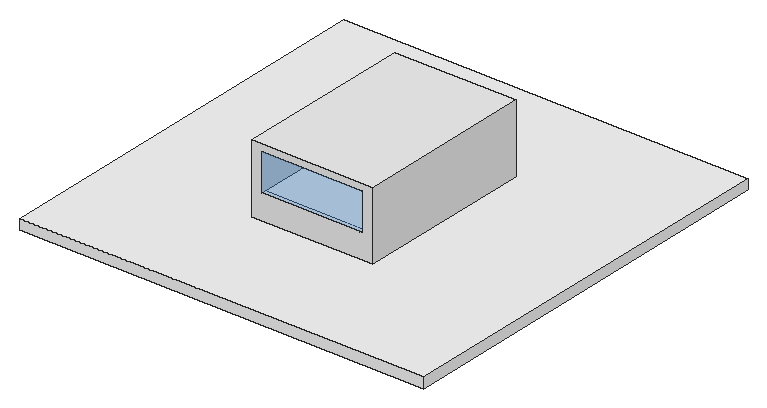
Revit family "BE_24127_de_DE", category Leuchten, Revit 2020
Family settings
  Basisbauteil = Fläche
  Bemaßung runder Anschluss = Durchmesser verwenden
  Teiletyp = Normal
  Beim Laden mit Abzugskörper schneiden = Ja
  Lichtquelle = Ja
  Gemeinsam genutzt = Nein
  Raumberechnungspunkt = Ja
Parameters (values of type "BEGA_24127_Weiß_K3")
  built-in parameter 1150104 = 13.471 (stored number, unit not read)
  Wattage = 4 W
  Default Elevation = 0 mm
  built-in parameter 1150113 = 1 (stored number, unit not read)
  built-in parameter 1114218 = 1 (stored number, unit not read)
  Umgebungstemperatur = "25 °C"
  URL = "https://www.bega.com/de/produkt/24127"
  Typenkommentare = "© 2022 BEGA. Wir behalten uns das Recht vor, technische Änderungen ohne vorherige Ankündigung vorzunehmen."  # constant formula
  Type Image = 24127.png
  built-in parameter 1150134 = (empty or 0)
  built-in parameter 1150109 = 1 (stored number, unit not read)
  Strom = ""
  built-in parameter 1150110 = 1 (stored number, unit not read)
  Spannung = 239.996 V
  Sonderanfertigung = no
  Seriennummer [instance] = "Hier können Sie die eindeutige Seriennummer für das Facility Management eintragen."
  Schutzklasse = "I"
  Schutzart = "IP 65"
  Scheinlast = 0 VA
  Produktdatenblatt = "https://cdn.bega.com/bega/products/24127WK4/current/documents/data-sheets/de"
  Oberflächentemperatur = ""
  Neigungswinkel = 0.00°
  Modell = "24127WK3"
  Material_17 = BEGA_Reflektor
  Material_15 = BEGA_Leuchtmedium_matt
  Material_11 = BEGA_Glas_opal
  Material_10 = BEGA_Glas_matt
  Material_09 = BEGA_Glas_klar
  Material_06 = BEGA_Oberfläche_Edelstahl_gebürstet
  Material_03 = BEGA_Oberfläche_Weiss_matt
  Material_02 = BEGA_Oberfläche_Silber_matt
  Material_01 [instance] = BEGA_Oberfläche_Grafit_matt
  M_W = yes
  M_G = no
  M_A = no
  Logo = 0
  built-in parameter 1114217 = 1 (stored number, unit not read)
  built-in parameter 1150139 = (empty or 0)
  built-in parameter 1150105 = 46.155 (stored number, unit not read)
  built-in parameter 1150114 = 1 (stored number, unit not read)
  Lumens = 580 lm
  built-in parameter 1150115 = 1 (stored number, unit not read)
  Leuchtenlichtstrom = "175 lm"
  Lebensdauerkriterien = "L70B50 @ 25 °C = 200000 h"
  Lastklassifizierung = Beleuchtung
  built-in parameter 1150112 = 1 (stored number, unit not read)
  Lampenlichtstrom = "580 lm"
  Lampe = "LED 4 W"
  LED_Modulbezeichnung = "2x LED-0886/830"
  built-in parameter 1150142 = (empty or 0)
  Hersteller = "BEGA"  # constant formula
  Halbstreuwinkel = ""
  Gewicht = ""
  Gebrauchslageneinschränkung [instance] = ""
  Frequenz = "0/50-60 Hz"
  Farbwiedergabeindex = "CRI > 80"
  Farbtemperaturverschiebung bei Dämpfen der Lampe = <Keine Auswahl>
  Farbtemperatur = "3000 K"
  Color Filter = 16777215
  built-in parameter 1150133 = 10 (stored number, unit not read)
  Energieeffizienzklasse = "LED A++ - A"
  built-in parameter 1150137 = (empty or 0)
  built-in parameter 1150132 = (empty or 0)
  ENEC = "ja"
  Dimmbar [instance] = "DALI"
  Datei für fotometrisches Netz = "BE_24127K3.IES"
  CE_Konformität = "ja"
  Bestellnummer = "24127WK3"
  Beschreibung_Sonderanfertigung = "Hier können Sie Informationen zur Sonderanfertigung eintragen."
  Beschreibung = "Wandleuchte"
  built-in parameter 1150106 = 0.46155 (stored number, unit not read)
  Befestigungsbohrung = "Ø 4,5 mm"
  Befestigungsabstand = "86 x 86 mm"
  Ballwurfsicher = ""
  BEGA_Intern_aus = yes
  BEGA_Intern_an = yes
  BEGA_Intern_Konstruktion = yes
  BEGA_Intern = yes
  BEGA_IES = yes
  BEGA_Dummy = no
  Anschlussleitung = ""
  Anschlussleistung [instance] = "5.6 W"
  built-in parameter 1150107 = 3000 (stored number, unit not read)
  built-in parameter 1150102 = (empty or 0)
  built-in parameter 1150138 = (empty or 0)
  Aktualisierung = "2022-05-18T04:00:07"
  Abstand_zur_angestrahlten_Fläche [instance] = ""
  AC/DC = "AC/DC"
Types (6, lengths in mm): name | built-in parameter 1150104 | built-in parameter 1150134 | Modell | M_W | M_G | M_A | built-in parameter 1150105 | Lumens | Leuchtenlichtstrom | Lampenlichtstrom | LED_Modulbezeichnung | Farbtemperatur | Datei für fotometrisches Netz | Bestellnummer | built-in parameter 1150106 | built-in parameter 1150107
  BEGA_24127_Grafit_K3 | 13.471 (stored number, unit not read) | (empty or 0) | "24127K3" | no | yes | no | 46.155 (stored number, unit not read) | 580 lm | "175 lm" | "580 lm" | "2x LED-0886/830" | "3000 K" | "BE_24127K3.IES" | "24127K3" | 0.46155 (stored number, unit not read) | 3000 (stored number, unit not read)
  BEGA_24127_Silber_K3 | 13.471 (stored number, unit not read) | (empty or 0) | "24127AK3" | no | no | yes | 46.155 (stored number, unit not read) | 580 lm | "175 lm" | "580 lm" | "2x LED-0886/830" | "3000 K" | "BE_24127K3.IES" | "24127AK3" | 0.46155 (stored number, unit not read) | 3000 (stored number, unit not read)
  BEGA_24127_Silber_K4 | 14.4 (stored number, unit not read) | 12 | "24127AK4" | no | no | yes | 49.338 (stored number, unit not read) | 620 lm | "187 lm" | "620 lm" | "2x LED-0886/840" | "4000 K" | "BE_24127K4.IES" | "24127AK4" | 0.49338 (stored number, unit not read) | 4000 (stored number, unit not read)
  BEGA_24127_Grafit_K4 | 14.4 (stored number, unit not read) | 12 | "24127K4" | no | yes | no | 49.338 (stored number, unit not read) | 620 lm | "187 lm" | "620 lm" | "2x LED-0886/840" | "4000 K" | "BE_24127K4.IES" | "24127K4" | 0.49338 (stored number, unit not read) | 4000 (stored number, unit not read)
  BEGA_24127_Weiß_K4 | 14.4 (stored number, unit not read) | 12 | "24127WK4" | yes | no | no | 49.338 (stored number, unit not read) | 620 lm | "187 lm" | "620 lm" | "2x LED-0886/840" | "4000 K" | "BE_24127K4.IES" | "24127WK4" | 0.49338 (stored number, unit not read) | 4000 (stored number, unit not read)
  BEGA_24127_Weiß_K3 | 13.471 (stored number, unit not read) | (empty or 0) | "24127WK3" | yes | no | no | 46.155 (stored number, unit not read) | 580 lm | "175 lm" | "580 lm" | "2x LED-0886/830" | "3000 K" | "BE_24127K3.IES" | "24127WK3" | 0.46155 (stored number, unit not read) | 3000 (stored number, unit not read)
Reference planes
  plane 1 "Mitte (Vorne/Hinten)": y = 0
  plane 2: z = 0
  plane 3 "Mitte (Links/Rechts)": x = 0
  plane 4 "Links": x = -60
  plane 5 "Rechts": x = 60
  plane 6 "Unten": y = -88.5
  plane 7 "Oben": y = 88.5
  plane 8 "Vorne": z = 69.6
  plane 9 "Hinten": z = 0
Forms (mm)
  Extrusion 1, solid, material "BEGA_Platte_Weiss"
    sketch origin (0, -1119.2, 0) x (1, 0, 0) y (0, 1, 0)
      loop
        line (-200, 1319.2) -> (-200, 919.2) -> (200, 919.2) -> (200, 1319.2) -> (-200, 1319.2)
    from 0 to -10
  Extrusion 2, solid, material "BEGA_Dummy_matt", visible <- "BEGA_Dummy"
    sketch origin (80.095, -76.023, 0) x (1, 0, 0) y (0, 1, 0)
      loop
        line (-140.095, 164.523) -> (-140.095, -12.477) -> (-20.095, -12.477) -> (-20.095, 164.523) -> (-140.095, 164.523)
    from 0 to 69.6
Dimensions and locks
  plane 1 "Mitte (Vorne/Hinten)" to Extrusion 1 = 200 mm
  aligned and locked: plane 2 to Extrusion 1
  aligned and locked: level to Extrusion 1
Nested families
  nested 1: "BE_24127" at (-2.753, 0, 0), type "BE_24127"
Connectors
  electrical at (0, 0, 0), driven by "Lastklassifizierung", driven by "Spannung", driven by "Scheinlast"
    settings: index 1, voltage 239.996 V, apparent load 0 VA, apparent load phase1 0 VA, apparent load phase2 0 VA, apparent load phase3 0 VA, power factor 1, load classification "Beleuchtung", number of poles 1, system type 31, power factor state 1, is connector primary yes, connector utility no, sub classification motor no, connector description ""
Definition of nested family "BE_24127"
  Parameters (values of type "BE_24127")
    Default Elevation = 1 mm
    URL = "http://www.bega.de/de/produkt"
    Type Comments = "© 2015 BEGA. Wir behalten uns das Recht vor, technische Änderungen ohne vorherige Ankündigung vorzunehmen. "  # constant formula
    Type Image = (empty or 0)
    Neigungswinkel_um_Z2 = 0.00°
    Neigungswinkel_um_Z1 = 0.00°
    Neigungswinkel_um_Y2 = 0.00°
    Neigungswinkel_um_Y1 = 0.00°
    Neigungswinkel_um_X2 = 0.00°
    Neigungswinkel_um_X1 = 0.00°
    Material_17 = none
    Material_15 = none
    Material_11 = none
    Material_10 = none
    Material_09 = none
    Material_06 = none
    Material_03 = none
    Material_02 = none
    Material_01 = none
    M_W = yes
    M_G = yes
    M_A = yes
    Länge_Platte = 200 mm  # constant formula
    Höhe_Platte = -10 mm  # constant formula
    Manufacturer = "BEGA"  # constant formula
    Drehwinkel_um_Z2 = 0.00°
    Drehwinkel_um_Z1 = 0.00°
    Breite_Platte = 200 mm  # constant formula
  Reference planes
    plane 1 "Mitte (Oben/Unten)": y = 0
    plane 2: z = 0
    plane 3 "Mitte (Links/Rechts)": x = 2.753
    plane 4 "Hinten": z = -15
    plane 5 "Oben": y = 88.5
    plane 6 "Unten": y = -88.5
    plane 7: z = 69.6
    plane 8: x = 62.753
    plane 9: x = -57.247
  Forms (mm)
    Extrusion 1, solid, detail levels medium
      sketch origin (0, 0, 0) x (1, 0, 0) y (0, 1, 0)
        loop
          line (-97.247, 100) -> (-97.247, -100) -> (102.753, -100) -> (102.753, 100) -> (-97.247, 100)
      from 0 to -10 <- "Höhe_Platte"
    Extrusion 2, solid, material <- "Material_10"
      sketch origin (2.753, 0, 0) x (0, 1, 0) y (0, 0, 1)
        loop
          line (88.46, 63.294) -> (84.45, 63.294) -> (84.45, 26.294) -> (88.46, 26.294) -> (88.46, 63.294)
        loop
          line (-88.46, 63.294) -> (-88.46, 26.294) -> (-84.45, 26.294) -> (-84.45, 63.294) -> (-88.46, 63.294)
      from -50 to 50
    Extrusion 3, solid, material <- "Material_01", visible <- "M_G"
      sketch origin (0, 0, 0) x (1, 0, 0) y (0, 0, 1)
        loop
          line (-57.247, 69.6) -> (-57.247, 1.899) -> (62.753, 1.899) -> (62.753, 69.6) -> (-57.247, 69.6)
        loop
          line (52.753, 63.294) -> (-47.247, 63.294) -> (-47.247, 26.294) -> (52.753, 26.294) -> (52.753, 63.294)
      from -88.5 to 88.5
    Extrusion 4, void
      sketch origin (0, 0.559, 0) x (1, 0, 0) y (0, 1, 0)
        loop
          line (-54.856, 86.109) -> (-54.856, -86.109) -> (6.716, -86.109) -> (60.362, -86.109) -> (60.362, 86.109) -> (2.356, 86.109) -> (-54.856, 86.109)
      from 0 to 14.658
    Revolve 5, solid, material <- "Material_01"
      sketch origin (2.753, 0, 0) x (0, 1, 0) y (0, 0, 1)
        loop
          line (55.317, 10.478) -> (55.729, 20) -> (54.421, 20) -> (0, 20) -> (0, 12) -> (47.934, 12) -> (48.329, 0) -> (50.913, 0) -> (51.025, 3.044) -> (55.317, 10.478)
        axis (0, 0) -> (0, 20)
      angle from 0 to 360
    Extrusion 6, solid, material <- "Material_01"
      sketch origin (0, 0, 0) x (1, 0, 0) y (0, 1, 0)
        loop
          arc (-48.097, -42.239) -> (-43.99, -46.743) -> (-39.485, -50.85) r 66.105
          line (-39.485, -50.85) -> (-26.63, -41.848)
          arc (-26.63, -41.848) -> (-33.404, -36.157) -> (-39.095, -29.383) r 51.134
          line (-39.095, -29.383) -> (-48.097, -42.239)
        loop
          arc (-43.59, -43.045) -> (-41.979, -44.717) -> (-40.308, -46.328) r 63.25
          arc (-40.308, -46.328) -> (-37.119, -46.235) -> (-37.229, -43.047) r 2.25
          arc (-37.229, -43.047) -> (-38.789, -41.543) -> (-40.293, -39.982) r 58.75
          arc (-40.293, -39.982) -> (-43.472, -39.866) -> (-43.59, -43.045) r 2.25
        loop
          arc (42.735, -43.047) -> (42.618, -46.226) -> (45.797, -46.345) r 2.25
          arc (45.797, -46.345) -> (47.478, -44.725) -> (49.098, -43.043) r 63.25
          arc (49.098, -43.043) -> (48.98, -39.864) -> (45.8, -39.982) r 2.25
          arc (45.8, -39.982) -> (44.296, -41.543) -> (42.735, -43.047) r 58.75
        loop
          arc (44.992, -50.85) -> (49.496, -46.743) -> (53.603, -42.239) r 66.105
          line (53.603, -42.239) -> (44.602, -29.383)
          arc (44.602, -29.383) -> (38.91, -36.157) -> (32.136, -41.848) r 51.134
          line (32.136, -41.848) -> (44.992, -50.85)
        loop
          line (44.992, 50.85) -> (32.136, 41.848)
          arc (32.136, 41.848) -> (38.91, 36.157) -> (44.602, 29.383) r 51.134
          line (44.602, 29.383) -> (53.603, 42.239)
          arc (53.603, 42.239) -> (49.496, 46.743) -> (44.992, 50.85) r 66.105
        loop
          arc (45.8, 39.982) -> (48.977, 39.862) -> (49.103, 43.038) r 2.25
          arc (49.103, 43.038) -> (47.478, 44.725) -> (45.792, 46.349) r 63.25
          arc (45.792, 46.349) -> (42.615, 46.223) -> (42.735, 43.047) r 2.25
          arc (42.735, 43.047) -> (44.296, 41.543) -> (45.8, 39.982) r 58.75
        loop
          arc (-37.229, 43.047) -> (-37.109, 46.223) -> (-40.285, 46.349) r 2.25
          arc (-40.285, 46.349) -> (-41.971, 44.725) -> (-43.596, 43.038) r 63.25
          arc (-43.596, 43.038) -> (-43.47, 39.862) -> (-40.293, 39.982) r 2.25
          arc (-40.293, 39.982) -> (-38.789, 41.543) -> (-37.229, 43.047) r 58.75
        loop
          arc (-39.485, 50.85) -> (-43.99, 46.743) -> (-48.097, 42.239) r 66.105
          line (-48.097, 42.239) -> (-39.095, 29.383)
          arc (-39.095, 29.383) -> (-33.404, 36.157) -> (-26.63, 41.848) r 51.134
          line (-26.63, 41.848) -> (-39.485, 50.85)
      from 0 to 1.603
    Extrusion 7, void
      sketch origin (0, 0, 0) x (1, 0, 0) y (0, 1, 0)
        loop
          circle (-25.247, 15) r 5.096
        loop
          circle (-25.247, -15) r 5.096
      from 0 to 52.141
    Extrusion 8, solid, material <- "Material_02", visible <- "M_A"
      sketch origin (0, 0, 0) x (1, 0, 0) y (0, 0, 1)
        loop
          line (-57.247, 69.6) -> (-57.247, 1.899) -> (62.753, 1.899) -> (62.753, 69.6) -> (-57.247, 69.6)
        loop
          line (52.753, 63.294) -> (-47.247, 63.294) -> (-47.247, 26.294) -> (52.753, 26.294) -> (52.753, 63.294)
      from -88.5 to 88.5
    Extrusion 9, solid, material <- "Material_03", visible <- "M_W"
      sketch origin (0, 0, 0) x (1, 0, 0) y (0, 0, 1)
        loop
          line (-57.247, 69.6) -> (-57.247, 1.899) -> (62.753, 1.899) -> (62.753, 69.6) -> (-57.247, 69.6)
        loop
          line (52.753, 63.294) -> (-47.247, 63.294) -> (-47.247, 26.294) -> (52.753, 26.294) -> (52.753, 63.294)
      from -88.5 to 88.5
  Cuts and joins
    Extrusion 4 cuts Extrusion 2
    Extrusion 7 cuts Revolve 5
    Extrusion 7 cuts Extrusion 6
    joined: Revolve 5, Extrusion 6
    Extrusion 4, Extrusion 7 cuts Extrusion 9
    Extrusion 4, Extrusion 7 cuts Extrusion 8
    Extrusion 4, Extrusion 7 cuts Extrusion 3
  Dimensions and locks
    equal spacing: Extrusion 1 sketch curve, plane 3 "Mitte (Links/Rechts)", Extrusion 1 sketch curve
    equal spacing: Extrusion 1 sketch curve, plane 1 "Mitte (Oben/Unten)", Extrusion 1 sketch curve
    "Länge_Platte": Extrusion 1 sketch curve to Extrusion 1 sketch curve
    "Breite_Platte": Extrusion 1 sketch curve to Extrusion 1 sketch curve
    aligned and locked: plane 2 to Extrusion 1
    aligned and locked: level to Extrusion 1
  Automatic sketch dimensions
    level to Extrusion 2 sketch curve = 26.294 mm  (x2)
    plane 1 "Mitte (Oben/Unten)" to Extrusion 2 sketch curve = 88.46 mm
    Extrusion 2 sketch curve to Extrusion 2 sketch curve = 4.01 mm  (x2)
    Extrusion 2 sketch curve to plane 1 "Mitte (Oben/Unten)" = 84.45 mm
    level to Extrusion 3 sketch curve = 1.899 mm
    Extrusion 3 sketch curve to Extrusion 3 sketch curve = 10 mm  (x2)
    plane 3 "Mitte (Links/Rechts)" to Extrusion 3 sketch curve = 50 mm
    level to Extrusion 3 sketch curve = 26.294 mm
    Extrusion 4 sketch curve to plane 3 "Mitte (Links/Rechts)" = 0.398 mm
    plane 3 "Mitte (Links/Rechts)" to Extrusion 4 sketch curve = 3.962 mm
    plane 1 "Mitte (Oben/Unten)" to Extrusion 4 sketch curve = 85.55 mm
    Extrusion 4 sketch curve to plane 1 "Mitte (Oben/Unten)" = 86.668 mm
    Revolve 5 sketch curve to plane 1 "Mitte (Oben/Unten)" = 0 mm  (x2)
    Revolve 5 sketch curve to level = 0 mm
    level to Revolve 5 sketch curve = 12 mm
    Revolve 5 sketch curve to plane 1 "Mitte (Oben/Unten)" = 47.934 mm
    Revolve 5 sketch curve to Revolve 5 sketch curve = 0.395 mm
    Revolve 5 sketch curve to Revolve 5 sketch curve = 2.584 mm
    level to Revolve 5 sketch curve = 3.044 mm
    Revolve 5 sketch curve to Revolve 5 sketch curve = 0.113 mm
    Revolve 5 sketch curve to Revolve 5 sketch curve = 6.487 mm
    level to Revolve 5 sketch curve = 10.478 mm
    Revolve 5 sketch curve to Revolve 5 sketch curve = 7.384 mm
    Revolve 5 sketch curve to Revolve 5 sketch curve = 1.308 mm
    Revolve 5 sketch curve to Revolve 5 sketch curve = 9.522 mm
    Revolve 5 sketch curve to Revolve 5 sketch curve = 0 mm
    Revolve 5 sketch curve to Revolve 5 sketch curve = 2.7 mm
    Extrusion 6 sketch curve to Extrusion 6 sketch curve = 0 mm  (x103)
    plane 1 "Mitte (Oben/Unten)" to Extrusion 6 sketch curve = 0 mm  (x2)
    Extrusion 6 sketch curve to plane 3 "Mitte (Links/Rechts)" = 0 mm  (x3)
    Extrusion 6 sketch curve to plane 1 "Mitte (Oben/Unten)" = 0 mm  (x2)
    Extrusion 6 sketch curve to plane 3 "Mitte (Links/Rechts)" = 0.001 mm  (x2)
    Extrusion 6 sketch curve to plane 3 "Mitte (Links/Rechts)" = 29.383 mm  (x2)
    Extrusion 6 sketch curve to Extrusion 6 sketch curve = 12.13 mm  (x6)
    Extrusion 6 sketch curve to Extrusion 6 sketch curve = 0.335 mm  (x3)
    Extrusion 6 sketch curve to Extrusion 6 sketch curve = 0.725 mm  (x6)
    Extrusion 6 sketch curve to Extrusion 6 sketch curve = 3.181 mm  (x2)
    Extrusion 6 sketch curve to Extrusion 6 sketch curve = 3.182 mm  (x4)
    plane 1 "Mitte (Oben/Unten)" to Extrusion 6 sketch curve = 42.239 mm  (x2)
    Extrusion 6 sketch curve to Extrusion 6 sketch curve = 6.156 mm
    Extrusion 6 sketch curve to Extrusion 6 sketch curve = 6.155 mm  (x4)
    plane 3 "Mitte (Links/Rechts)" to Extrusion 6 sketch curve = 0 mm  (x2)
    plane 3 "Mitte (Links/Rechts)" to Extrusion 6 sketch curve = 29.383 mm  (x2)
    Extrusion 6 sketch curve to Extrusion 6 sketch curve = 3.183 mm  (x2)
    Extrusion 6 sketch curve to Extrusion 6 sketch curve = 6.154 mm
    Extrusion 6 sketch curve to Extrusion 6 sketch curve = 2.457 mm
    Extrusion 6 sketch curve to Extrusion 6 sketch curve = 2.847 mm  (x2)
    plane 1 "Mitte (Oben/Unten)" to Extrusion 6 sketch curve = 0.001 mm
    Extrusion 6 sketch curve to plane 1 "Mitte (Oben/Unten)" = 0.001 mm
    Extrusion 6 sketch curve to plane 1 "Mitte (Oben/Unten)" = 29.383 mm  (x2)
    Extrusion 6 sketch curve to Extrusion 6 sketch curve = 1.531 mm  (x6)
    plane 1 "Mitte (Oben/Unten)" to Extrusion 6 sketch curve = 29.383 mm
    Extrusion 6 sketch curve to Extrusion 6 sketch curve = 1.525 mm  (x2)
    Extrusion 6 sketch curve to Extrusion 6 sketch curve = 1.649 mm  (x6)
    Extrusion 6 sketch curve to Extrusion 6 sketch curve = 0.001 mm  (x3)
    Extrusion 6 sketch curve to Extrusion 6 sketch curve = 1.548 mm
    Extrusion 6 sketch curve to Extrusion 6 sketch curve = 1.654 mm  (x2)
    Extrusion 6 sketch curve to Extrusion 6 sketch curve = 1.53 mm
    Extrusion 6 sketch curve to Extrusion 6 sketch curve = 1.65 mm
    level to Extrusion 8 sketch curve = 1.899 mm
    Extrusion 8 sketch curve to Extrusion 8 sketch curve = 10 mm  (x2)
    plane 3 "Mitte (Links/Rechts)" to Extrusion 8 sketch curve = 50 mm
    level to Extrusion 8 sketch curve = 26.294 mm
    level to Extrusion 9 sketch curve = 1.899 mm
    Extrusion 9 sketch curve to Extrusion 9 sketch curve = 10 mm  (x2)
    plane 3 "Mitte (Links/Rechts)" to Extrusion 9 sketch curve = 50 mm
    level to Extrusion 9 sketch curve = 26.294 mm
    Extrusion 2 sketch curve to plane 7 = 6.306 mm  (x2)
    Extrusion 3 sketch curve to plane 7 = 0 mm
    Extrusion 3 sketch curve to plane 7 = 6.306 mm
    Extrusion 8 sketch curve to plane 7 = 0 mm
    Extrusion 8 sketch curve to plane 7 = 6.306 mm
    Extrusion 9 sketch curve to plane 7 = 0 mm
    Extrusion 9 sketch curve to plane 7 = 6.306 mm
    plane 8 to Extrusion 4 sketch curve = 2.391 mm
    plane 9 to Extrusion 3 sketch curve = 0 mm
    Extrusion 4 sketch curve to plane 9 = 2.391 mm
    plane 9 to Extrusion 8 sketch curve = 0 mm
    plane 9 to Extrusion 9 sketch curve = 0 mm
